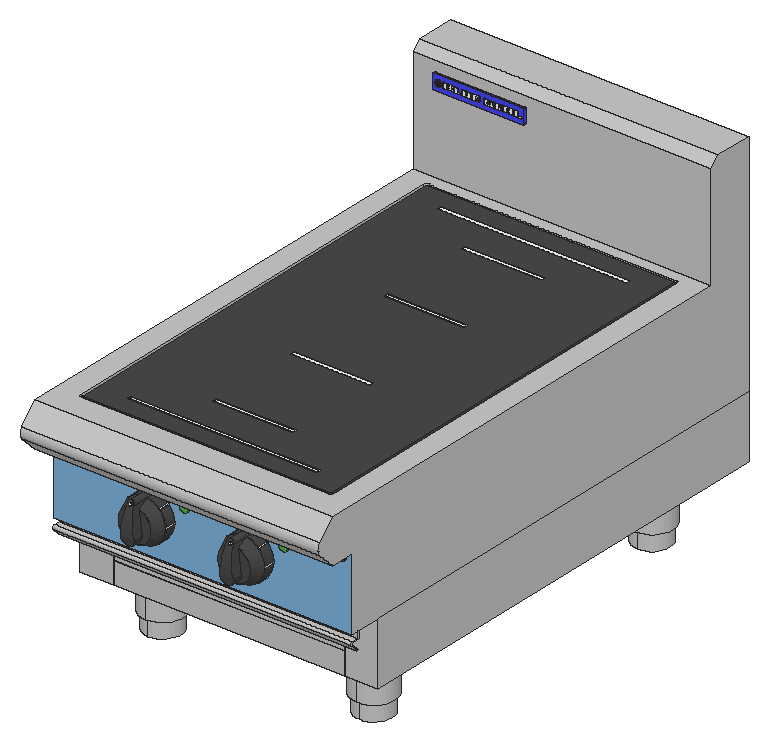
Revit family "QF_Moffat_IN512F-B_Induction_Cooktop_cat", category Specialty Equipment, Revit 2019
Family settings
  Round Connector Dimension = Use Diameter
  Part Type = Normal
  Work Plane-Based = No
  Always vertical = Yes
  Cut with Voids When Loaded = No
  Shared = No
  Room Calculation Point = No
Parameters (values of type "IN512F-B")
  Weight in Kilograms = 88
  Watts = 5600 W
  Volts = 400 V
  URL Cutsheet = ""
  Specification by User = ""
  Specification by Manufacturer = ""
  Show Logo [instance] = yes
  Serial Number = ""
  Seismic Rating = ""
  SMACNA No = ""
  Revision Code = ""
  Phase = 3
  Number of Poles = 1
  NAFEM Spec ID Number = ""
  Model = "IN512F-B"
  Min Ckt Ampacity = 0 A
  Max Overcurrent Protection = 0 A
  Masterspec = ""
  Manufacturer = "Moffat"
  Length = 450 mm
  Item Number = ""
  Installed By = ""
  Identify Quantity as Lot = yes
  Height = 525 mm
  HP = ""
  Furnished By = ""
  Foodservice Equipment Identifier = yes
  FL Amps = 14 A
  Electrical Remarks = ""
  Electric Connection Type = ""
  Elec Conn RI Height = 0 mm
  Elec Conn Connection Height = 0 mm
  Description = "Induction Cooktop"
  Depth = 812.2 mm
  Cycle = 50 Hz
  Conn Plug = ""
  Conn Conduit = yes
  CSI MasterFormat = ""
  Apparent Power = if(Phase = 3, Volts * FL Amps * 1.73, Volts * FL Amps)  # 9688 VA
Reference planes
  plane 1 "BACK": y = 0
  plane 2: z = 0
  plane 3 "LEFT": x = 0
  plane 4 "RIGHT": x = 450
  plane 5 "FRONT": y = -812.2
  plane 6 "TOP": z = 525
  plane 7 "Center Y": x = 225
  plane 8 "Center X": y = -406.1
  plane 9: x = 65.5
  plane 10: x = 384.5
  plane 11: y = -30
  plane 12: x = 320
  plane 13: z = 180
  plane 14: y = -100
  plane 15: y = -625
  plane 16: z = 85
Forms (mm)
  Extrusion 1, solid, material "QF_Metal_Stainless_Polished"
    sketch origin (0, 0, 0) x (0, 1, 0) y (0, 0, 1)
      loop
        line (0, 180) -> (0, 525) -> (-57, 525) -> (-70, 512) -> (-70, 354.5) -> (-784.171, 354.5) -> (-808.685, 329.985)
        arc (-808.685, 329.985) -> (-812.2, 321.5) -> (-808.685, 313.015) r 12
        line (-808.685, 313.015) -> (-785.171, 289.5) -> (-749, 289.5) -> (-749, 180) -> (0, 180)
    from 0 to 450
  Extrusion 2, void
    sketch origin (0, -784.171, 354.5) x (0, 1, 0) y (-1, 0, 0)
      loop
        arc (696.671, -39.5) -> (694.913, -35.257) -> (690.671, -33.5) r 6
        line (690.671, -33.5) -> (44.671, -33.5)
        arc (44.671, -33.5) -> (40.428, -35.257) -> (38.671, -39.5) r 6
        line (38.671, -39.5) -> (38.671, -410.5)
        arc (38.671, -410.5) -> (40.428, -414.743) -> (44.671, -416.5) r 6
        line (44.671, -416.5) -> (690.671, -416.5)
        arc (690.671, -416.5) -> (694.913, -414.743) -> (696.671, -410.5) r 6
        line (696.671, -410.5) -> (696.671, -39.5)
    from 0 to -9.5
  Extrusion 3, solid, material "QF_Plastic_White_Smooth"
    sketch origin (0, -784.171, 345) x (0, 1, 0) y (-1, 0, 0)
      loop
        line (657.271, -82.5) -> (657.271, -367.5) -> (663.271, -367.5) -> (663.271, -82.5) -> (657.271, -82.5)
      loop
        line (599.671, -165) -> (599.671, -285) -> (605.671, -285) -> (605.671, -165) -> (599.671, -165)
      loop
        line (459.171, -285) -> (459.171, -165) -> (453.171, -165) -> (453.171, -285) -> (459.171, -285)
      loop
        line (276.171, -165) -> (276.171, -285) -> (282.171, -285) -> (282.171, -165) -> (276.171, -165)
      loop
        line (129.671, -165) -> (129.671, -285) -> (135.671, -285) -> (135.671, -165) -> (129.671, -165)
      loop
        line (78.071, -367.5) -> (78.071, -82.5) -> (72.071, -82.5) -> (72.071, -367.5) -> (78.071, -367.5)
    from 0 to 9.5
  Extrusion 4, solid, material "QF_Plastic_Black_Smooth"
    sketch origin (0, -784.171, 354.5) x (0, 1, 0) y (-1, 0, 0)
      loop
        line (692.671, -410.5) -> (692.671, -39.5)
        arc (692.671, -39.5) -> (692.085, -38.086) -> (690.671, -37.5) r 2
        line (690.671, -37.5) -> (44.671, -37.5)
        arc (44.671, -37.5) -> (43.256, -38.086) -> (42.671, -39.5) r 2
        line (42.671, -39.5) -> (42.671, -410.5)
        arc (42.671, -410.5) -> (43.256, -411.914) -> (44.671, -412.5) r 2
        line (44.671, -412.5) -> (690.671, -412.5)
        arc (690.671, -412.5) -> (692.085, -411.914) -> (692.671, -410.5) r 2
      loop
        line (657.271, -82.5) -> (657.271, -367.5) -> (663.271, -367.5) -> (663.271, -82.5) -> (657.271, -82.5)
      loop
        line (599.671, -165) -> (599.671, -285) -> (605.671, -285) -> (605.671, -165) -> (599.671, -165)
      loop
        line (459.171, -285) -> (459.171, -165) -> (453.171, -165) -> (453.171, -285) -> (459.171, -285)
      loop
        line (282.171, -285) -> (282.171, -165) -> (276.171, -165) -> (276.171, -285) -> (282.171, -285)
      loop
        line (135.671, -285) -> (135.671, -165) -> (129.671, -165) -> (129.671, -285) -> (135.671, -285)
      loop
        line (72.071, -82.5) -> (72.071, -367.5) -> (78.071, -367.5) -> (78.071, -82.5) -> (72.071, -82.5)
    from 0 to -9.5
  Extrusion 5, solid, material "QF_Metal_Stainless_Polished"
    sketch origin (0, 0, 40) x (0, 1, 0) y (0, 0, 1)
      loop
        line (-737.8, 140) -> (-737.8, 130) -> (-747.305, 130)
        arc (-747.305, 130) -> (-750.276, 128.015) -> (-749.579, 124.511) r 3.215
        line (-749.579, 124.511) -> (-739.05, 113.982) -> (-737.919, 115.113) -> (-748.447, 125.642)
        arc (-748.447, 125.642) -> (-748.797, 127.403) -> (-747.305, 128.4) r 1.615
        line (-747.305, 128.4) -> (-736.2, 128.4) -> (-736.2, 140) -> (-737.8, 140)
    from 0 to 450
  Extrusion 6, solid, material "QF_Plastic_Black_Smooth"
    sketch origin (0, -749, 181.875) x (0, 0, 1) y (-1, 0, 0)
      loop
        circle (99.343, -13.157) r 5
      loop
        circle (99.343, -436.843) r 5
      loop
        circle (99.343, -150) r 5
      loop
        circle (99.343, -300) r 5
    from 0 to 1.6
  Extrusion 7, solid, material "QF_Metal_Stainless_Polished"
    sketch origin (0, -699, 85) x (0, 1, 0) y (1, 0, 0)
      loop
        circle (669, 320) r 6.35
    from 0 to 1.6
  Extrusion 8, solid, material "QF_Metal_Stainless_Polished"
    sketch origin (0, -699, 85) x (1, 0, 0) y (0, -1, 0)
      loop
        line (0, -699) -> (450, -699) -> (450, 0) -> (399.2, 0) -> (399.2, -25.4) -> (50.8, -25.4) -> (50.8, 0) -> (0, 0) -> (0, -699)
    from 0 to -95
  Extrusion 9, solid, material "QF_Metal_Stainless_Polished"
    sketch origin (50.8, -30, 85) x (0, 1, 0) y (0, 0, 1)
      loop
        line (-669, 0) -> (-643.6, 0) -> (-643.6, 32.7) -> (-669, 32.7) -> (-669, 0)
      loop
        line (-669, 33.7) -> (-643.6, 33.7) -> (-643.6, 66.4) -> (-669, 66.4) -> (-669, 33.7)
      loop
        line (-669, 67.4) -> (-643.6, 67.4) -> (-643.6, 95) -> (-669, 95) -> (-669, 67.4)
    from 0 to 348.4
  Revolve 10, solid, material "QF_Metal_Stainless_Polished"
    sketch origin (65.5, -4572, -304.8) x (0, 0, -1) y (0, -1, 0)
      loop
        line (-304.8, -4499.5) -> (-304.8, -4472) -> (-389.8, -4472) -> (-389.8, -4503.75) -> (-329.8, -4503.75) -> (-329.8, -4499.5) -> (-304.8, -4499.5)
      axis (-389.8, -4472) -> (-304.8, -4472)
    angle from 0 to 360
  Revolve 11, solid, material "QF_Metal_Stainless_Polished"
    sketch origin (65.5, -4572, -304.8) x (0, 0, -1) y (0, -1, 0)
      loop
        line (-304.8, -3974.5) -> (-304.8, -3947) -> (-389.8, -3947) -> (-389.8, -3978.75) -> (-329.8, -3978.75) -> (-329.8, -3974.5) -> (-304.8, -3974.5)
      axis (-389.8, -3947) -> (-304.8, -3947)
    angle from 0 to 360
  Revolve 12, solid, material "QF_Metal_Stainless_Polished"
    sketch origin (384.5, -4572, -304.8) x (0, 0, -1) y (0, 1, 0)
      loop
        line (-304.8, 4499.5) -> (-329.8, 4499.5) -> (-329.8, 4503.75) -> (-389.8, 4503.75) -> (-389.8, 4472) -> (-304.8, 4472) -> (-304.8, 4499.5)
      axis (-389.8, 4472) -> (-304.8, 4472)
    angle from 0 to 360
  Revolve 13, solid, material "QF_Metal_Stainless_Polished"
    sketch origin (384.5, -4572, -304.8) x (0, 0, -1) y (0, 1, 0)
      loop
        line (-304.8, 3974.5) -> (-329.8, 3974.5) -> (-329.8, 3978.75) -> (-389.8, 3978.75) -> (-389.8, 3947) -> (-304.8, 3947) -> (-304.8, 3974.5)
      axis (-389.8, 3947) -> (-304.8, 3947)
    angle from 0 to 360
  Extrusion 14, solid, material "QF_Paint_Green"
    sketch origin (-84.269, -749, 180) x (0, 0, 1) y (-1, 0, 0)
      loop
        circle (84.8, -282.5) r 7.15
    from 0 to 1.6
  Extrusion 15, solid, material "QF_Paint_Green"
    sketch origin (65.731, -749, 180) x (0, 0, 1) y (-1, 0, 0)
      loop
        circle (84.8, -282.5) r 7.15
    from 0 to 1.6
Cuts and joins
  Extrusion 2 cuts Extrusion 1
Lines and regions (mm)
  symbolic lines
    curve 1: line (0, 0, 0) -> (450, 0, 0)
    curve 2: line (0, -812.2, 0) -> (0, 0, 0)
    curve 3: line (450, -812.2, 0) -> (0, -812.2, 0)
    curve 4: line (450, 0, 0) -> (450, -812.2, 0)
    curve 5: line (0, -784.171, 0) -> (450, -784.171, 0)
    curve 6: line (0, -57, 0) -> (450, -57, 0)
    curve 7: line (0, -70, 0) -> (450, -70, 0)
    curve 8: line (39.5, -87.5, 0) -> (410.5, -87.5, 0)
    curve 9: arc (410.5, -87.5, 0) -> (414.743, -89.257, 0) -> (416.5, -93.5, 0) r 6
    curve 10: line (416.5, -93.5, 0) -> (416.5, -739.5, 0)
    curve 11: arc (416.5, -739.5, 0) -> (414.743, -743.743, 0) -> (410.5, -745.5, 0) r 6
    curve 12: line (410.5, -745.5, 0) -> (39.5, -745.5, 0)
    curve 13: arc (39.5, -745.5, 0) -> (35.257, -743.743, 0) -> (33.5, -739.5, 0) r 6
    curve 14: line (33.5, -739.5, 0) -> (33.5, -93.5, 0)
    curve 15: arc (33.5, -93.5, 0) -> (35.257, -89.257, 0) -> (39.5, -87.5, 0) r 6
    curve 16: line (410.5, -91.5, 0) -> (39.5, -91.5, 0)
    curve 17: arc (39.5, -91.5, 0) -> (38.086, -92.086, 0) -> (37.5, -93.5, 0) r 2
    curve 18: line (37.5, -93.5, 0) -> (37.5, -739.5, 0)
    curve 19: arc (37.5, -739.5, 0) -> (38.086, -740.914, 0) -> (39.5, -741.5, 0) r 2
    curve 20: line (39.5, -741.5, 0) -> (410.5, -741.5, 0)
    curve 21: arc (410.5, -741.5, 0) -> (411.914, -740.914, 0) -> (412.5, -739.5, 0) r 2
    curve 22: line (412.5, -739.5, 0) -> (412.5, -93.5, 0)
    curve 23: arc (412.5, -93.5, 0) -> (411.914, -92.086, 0) -> (410.5, -91.5, 0) r 2
    curve 24: line (82.5, -120.9, 0) -> (367.5, -120.9, 0)
    curve 25: line (367.5, -120.9, 0) -> (367.5, -126.9, 0)
    curve 26: line (367.5, -126.9, 0) -> (82.5, -126.9, 0)
    curve 27: line (82.5, -126.9, 0) -> (82.5, -120.9, 0)
    curve 28: line (165, -178.5, 0) -> (285, -178.5, 0)
    curve 29: line (285, -178.5, 0) -> (285, -184.5, 0)
    curve 30: line (285, -184.5, 0) -> (165, -184.5, 0)
    curve 31: line (165, -184.5, 0) -> (165, -178.5, 0)
    curve 32: line (165, -325, 0) -> (285, -325, 0)
    curve 33: line (285, -325, 0) -> (285, -331, 0)
    curve 34: line (285, -331, 0) -> (165, -331, 0)
    curve 35: line (165, -331, 0) -> (165, -325, 0)
    curve 36: line (165, -502, 0) -> (285, -502, 0)
    curve 37: line (285, -502, 0) -> (285, -508, 0)
    curve 38: line (285, -508, 0) -> (165, -508, 0)
    curve 39: line (165, -508, 0) -> (165, -502, 0)
    curve 40: line (165, -648.5, 0) -> (285, -648.5, 0)
    curve 41: line (285, -648.5, 0) -> (285, -654.5, 0)
    curve 42: line (285, -654.5, 0) -> (165, -654.5, 0)
    curve 43: line (165, -654.5, 0) -> (165, -648.5, 0)
    curve 44: line (82.5, -706.1, 0) -> (367.5, -706.1, 0)
    curve 45: line (367.5, -706.1, 0) -> (367.5, -712.1, 0)
    curve 46: line (367.5, -712.1, 0) -> (82.5, -712.1, 0)
    curve 47: line (82.5, -712.1, 0) -> (82.5, -706.1, 0)
Dimensions and locks
  equal spacing: plane 3 "LEFT", plane 7 "Center Y", plane 4 "RIGHT"
  "Length": plane 3 "LEFT" to plane 4 "RIGHT"
  equal spacing: plane 5 "FRONT", plane 8 "Center X", plane 1 "BACK"
  "Depth": plane 5 "FRONT" to plane 1 "BACK"
  "Height": plane 6 "TOP" to level
  plane 9 to plane 10 = 319 mm
  plane 4 "RIGHT" to plane 3 "LEFT" = 450 mm
  plane 1 "BACK" to cut or joined group of Extrusion 1, Extrusion 2 = 70 mm
  plane 1 "BACK" to plane 5 "FRONT" = 812.2 mm
  plane 6 "TOP" to plane 2 = 525 mm
  cut or joined group of Extrusion 1, Extrusion 2 to plane 2 = 354.5 mm
  locked: plane 12 to plane 4 "RIGHT" at 130
  plane 1 "BACK" to plane 11 = 30 mm
  plane 1 "BACK" to plane 14 to plane 15 = 100 mm, 525 mm
  plane 16 to plane 2 = 85 mm
  aligned and locked: level to plane 2
Automatic sketch dimensions
  plane 1 "BACK" to curve 1 = 0 mm
  curve 1 to plane 3 "LEFT" = 0 mm
  curve 3 to plane 4 "RIGHT" = 0 mm
  plane 5 "FRONT" to curve 3 = 0 mm
  curve 3 to curve 5 = 28.029 mm
  curve 7 to plane 14 = 30 mm
  curve 7 to curve 6 = 13 mm
  Extrusion 1 sketch curve to plane 6 "TOP" = 0 mm
  Extrusion 1 sketch curve to plane 1 "BACK" = 0 mm
  plane 11 to Extrusion 1 sketch curve = 27 mm
  Extrusion 1 sketch curve to plane 6 "TOP" = 13 mm
  Extrusion 1 sketch curve to Extrusion 1 sketch curve = 13 mm
  Extrusion 1 sketch curve to plane 5 "FRONT" = 63.2 mm
  Extrusion 1 sketch curve to plane 5 "FRONT" = 28.029 mm
  Extrusion 1 sketch curve to plane 5 "FRONT" = 27.029 mm
  Extrusion 1 sketch curve to plane 5 "FRONT" = 12 mm
  Extrusion 1 sketch curve to plane 5 "FRONT" = 3.515 mm  (x2)
  Extrusion 1 sketch curve to plane 6 "TOP" = 170.5 mm
  Extrusion 1 sketch curve to Extrusion 1 sketch curve = 24.515 mm
  Extrusion 1 sketch curve to Extrusion 1 sketch curve = 8.485 mm
  Extrusion 1 sketch curve to Extrusion 1 sketch curve = 32 mm
  Extrusion 1 sketch curve to plane 13 = 0 mm
  Extrusion 2 sketch curve to Extrusion 1 = 38.671 mm
  Extrusion 2 sketch curve to Extrusion 2 sketch curve = 6 mm  (x3)
  Extrusion 1 to Extrusion 2 sketch curve = 23.5 mm  (x2)
  Extrusion 1 to Extrusion 2 sketch curve = 33.5 mm
  Extrusion 1 to Extrusion 2 sketch curve = 39.5 mm
  Extrusion 3 sketch curve to Extrusion 2 = 33.4 mm
  Extrusion 3 sketch curve to Extrusion 3 sketch curve = 6 mm  (x6)
  Extrusion 3 sketch curve to Extrusion 2 = 91 mm
  Extrusion 3 sketch curve to Extrusion 3 sketch curve = 140.5 mm
  Extrusion 3 sketch curve to Extrusion 3 sketch curve = 171 mm
  Extrusion 3 sketch curve to Extrusion 2 = 97 mm
  Extrusion 3 sketch curve to Extrusion 2 = 39.4 mm
  Extrusion 3 sketch curve to Extrusion 2 = 49 mm  (x4)
  Extrusion 3 sketch curve to Extrusion 3 sketch curve = 82.5 mm  (x2)
  Extrusion 3 sketch curve to Extrusion 2 = 131.5 mm  (x2)
  Extrusion 3 sketch curve to Extrusion 3 sketch curve = 120 mm  (x4)
  Extrusion 4 sketch curve to Extrusion 1 = 42.671 mm
  Extrusion 4 sketch curve to Extrusion 4 sketch curve = 2 mm  (x3)
  Extrusion 4 sketch curve to Extrusion 4 sketch curve = 27.4 mm
  Extrusion 4 sketch curve to Extrusion 4 sketch curve = 6 mm  (x6)
  Extrusion 4 sketch curve to Extrusion 4 sketch curve = 51.6 mm
  Extrusion 4 sketch curve to Extrusion 4 sketch curve = 140.5 mm
  Extrusion 4 sketch curve to Extrusion 4 sketch curve = 171 mm
  Extrusion 1 to Extrusion 4 sketch curve = 114.5 mm
  Extrusion 1 to Extrusion 4 sketch curve = 56.9 mm
  Extrusion 1 to Extrusion 4 sketch curve = 23.5 mm  (x2)
  Extrusion 1 to Extrusion 4 sketch curve = 37.5 mm
  Extrusion 4 sketch curve to Extrusion 4 sketch curve = 43 mm  (x2)
  Extrusion 4 sketch curve to Extrusion 4 sketch curve = 82.5 mm  (x2)
  Extrusion 1 to Extrusion 4 sketch curve = 165 mm
  Extrusion 4 sketch curve to Extrusion 4 sketch curve = 0 mm
  Extrusion 4 sketch curve to Extrusion 4 sketch curve = 120 mm  (x4)
  Extrusion 1 to Extrusion 4 sketch curve = 82.5 mm  (x2)
  Extrusion 1 to Extrusion 4 sketch curve = 39.5 mm
  Extrusion 5 sketch curve to Extrusion 5 sketch curve = 0 mm  (x2)
  plane 13 to Extrusion 5 sketch curve = 15.489 mm
  Extrusion 5 sketch curve to plane 5 "FRONT" = 62.621 mm
  plane 13 to Extrusion 5 sketch curve = 14.358 mm
  Extrusion 5 sketch curve to Extrusion 5 sketch curve = 1.131 mm
  Extrusion 5 sketch curve to Extrusion 5 sketch curve = 1.142 mm  (x2)
  plane 13 to Extrusion 5 sketch curve = 26.018 mm
  Extrusion 5 sketch curve to Extrusion 5 sketch curve = 10.529 mm
  Extrusion 5 sketch curve to Extrusion 5 sketch curve = 9.505 mm
  Extrusion 5 sketch curve to plane 13 = 0 mm
  Extrusion 5 sketch curve to Extrusion 5 sketch curve = 1.6 mm
  Extrusion 8 to Extrusion 7 sketch curve = 30 mm
  Extrusion 7 sketch curve to Extrusion 8 = 79.2 mm
  plane 1 "BACK" to Extrusion 8 sketch curve = 0 mm
  Extrusion 8 sketch curve to plane 3 "LEFT" = 0 mm
  Extrusion 8 sketch curve to plane 4 "RIGHT" = 0 mm
  plane 9 to Extrusion 8 sketch curve = 14.7 mm
  Extrusion 8 sketch curve to plane 10 = 14.7 mm
  plane 15 to Extrusion 8 sketch curve = 48.6 mm
  Extrusion 8 sketch curve to Extrusion 8 sketch curve = 25.4 mm  (x2)
  Extrusion 9 sketch curve to Extrusion 8 = 0 mm  (x8)
  Extrusion 8 to Extrusion 9 sketch curve = 32.7 mm
  Extrusion 9 sketch curve to Extrusion 9 sketch curve = 1 mm  (x2)
  Extrusion 9 sketch curve to Extrusion 9 sketch curve = 32.7 mm
  Revolve 10 sketch curve to plane 14 = 0 mm  (x2)
  Revolve 10 sketch curve to level = 0 mm  (x2)
  level to Revolve 10 sketch curve = 25 mm
  Revolve 10 sketch curve to Revolve 10 sketch curve = 60 mm
  Revolve 10 sketch curve to plane 14 = 27.5 mm
  Revolve 10 sketch curve to plane 14 = 31.75 mm
  Revolve 10 sketch curve to Revolve 10 sketch curve = 25 mm
  Revolve 11 sketch curve to plane 15 = 0 mm  (x2)
  Revolve 11 sketch curve to level = 0 mm  (x2)
  level to Revolve 11 sketch curve = 25 mm
  Revolve 11 sketch curve to Revolve 11 sketch curve = 60 mm
  Revolve 11 sketch curve to plane 15 = 27.5 mm
  Revolve 11 sketch curve to plane 15 = 31.75 mm
  Revolve 11 sketch curve to Revolve 11 sketch curve = 25 mm
  Revolve 12 sketch curve to plane 14 = 0 mm  (x2)
  Revolve 12 sketch curve to level = 0 mm  (x2)
  level to Revolve 12 sketch curve = 25 mm
  Revolve 12 sketch curve to Revolve 12 sketch curve = 60 mm
  Revolve 12 sketch curve to plane 14 = 27.5 mm
  Revolve 12 sketch curve to Revolve 12 sketch curve = 4.25 mm
  Revolve 12 sketch curve to Revolve 12 sketch curve = 25 mm
  Revolve 13 sketch curve to plane 15 = 0 mm  (x2)
  Revolve 13 sketch curve to level = 0 mm  (x2)
  level to Revolve 13 sketch curve = 25 mm
  Revolve 13 sketch curve to Revolve 13 sketch curve = 60 mm
  Revolve 13 sketch curve to plane 15 = 27.5 mm
  Revolve 13 sketch curve to Revolve 13 sketch curve = 4.25 mm
  Revolve 13 sketch curve to Revolve 13 sketch curve = 25 mm
  Extrusion 1 to Extrusion 14 sketch curve = 24.7 mm
  Extrusion 1 to Extrusion 14 sketch curve = 198.231 mm
  Extrusion 1 to Extrusion 15 sketch curve = 24.7 mm
  Extrusion 1 to Extrusion 15 sketch curve = 101.769 mm
  curve 14 to plane 14 = 6.5 mm
  plane 9 to curve 14 = 32 mm
  curve 14 to curve 15 = 6 mm
  curve 13 to curve 13 = 6 mm
  curve 9 to plane 14 = 6.5 mm
  curve 9 to plane 10 = 26 mm
  curve 12 to curve 10 = 6 mm
  curve 5 to curve 12 = 38.671 mm
  curve 9 to curve 23 = 0 mm  (x2)
  curve 11 to curve 21 = 0 mm  (x2)
  curve 13 to curve 19 = 0 mm  (x2)
  curve 15 to curve 17 = 0 mm
  curve 18 to curve 15 = 2 mm
  curve 27 to plane 9 = 17 mm
  plane 10 to curve 26 = 17 mm
  plane 14 to curve 25 = 26.9 mm
  curve 26 to curve 24 = 6 mm
  curve 30 to plane 7 "Center Y" = 60 mm
  plane 12 to curve 30 = 35 mm
  plane 14 to curve 30 = 84.5 mm
  curve 30 to curve 31 = 6 mm
  curve 35 to plane 7 "Center Y" = 60 mm
  plane 12 to curve 32 = 35 mm
  plane 8 "Center X" to curve 34 = 75.1 mm
  curve 34 to curve 35 = 6 mm
  curve 38 to plane 7 "Center Y" = 60 mm
  plane 12 to curve 36 = 35 mm
  curve 39 to plane 8 "Center X" = 101.9 mm
  curve 37 to curve 37 = 6 mm
  plane 15 to curve 40 = 23.5 mm
  curve 40 to plane 7 "Center Y" = 60 mm
  plane 12 to curve 42 = 35 mm
  curve 43 to curve 40 = 6 mm
  curve 44 to plane 9 = 17 mm
  plane 10 to curve 45 = 17 mm
  curve 13 to curve 47 = 27.4 mm
  curve 45 to curve 45 = 6 mm
  Extrusion 1 to Extrusion 6 sketch curve = 8.282 mm  (x4)
  Extrusion 1 to Extrusion 6 sketch curve = 13.157 mm  (x2)
  Extrusion 6 sketch curve to Extrusion 6 sketch curve = 136.843 mm
  Extrusion 1 to Extrusion 6 sketch curve = 150 mm
  radius of Extrusion 7 sketch curve = 6.35 mm
  radius of Extrusion 14 sketch curve = 7.15 mm
  radius of Extrusion 15 sketch curve = 7.15 mm
  radius of Extrusion 6 sketch curve = 5 mm  (x4)
Nested families
  nested 1: "QF_LOGO_BLue Seal" at (32, -70, 474.385), visible <- "Show Logo", type "QF_LOGO_BLue Seal"
  nested 2: "Knob" at (117.5, -739.5, 204.5), type "Knob"
  nested 3: "Knob" at (267.5, -739.5, 204.5), type "Knob"
Connectors
  electrical at (320, -30, 83.4), driven by "Volts", driven by "Watts"
    settings: on Extrusion 7, index 1, voltage 400 V, apparent load 5600 VA, apparent load phase1 0 VA, apparent load phase2 0 VA, apparent load phase3 0 VA, power factor 1, load classification "Other", number of poles 1, system type 30, power factor state 1, is connector primary yes, connector utility no, sub classification motor no, connector description "Electrical Connection"
Definition of nested family "QF_LOGO_BLue Seal"
  Parameters (values of type "QF_LOGO_BLue Seal")
    Weight in Pounds = 0
    URL Cutsheet = ""
    Specification by User = ""
    Specification by Manufacturer = ""
    Serial Number = ""
    Seismic Rating = ""
    SMACNA No = ""
    Revision Code = ""
    NAFEM Spec ID Number = ""
    Masterspec = ""
    Length = 138 mm
    Item Number = ""
    Installed By = ""
    Identify Quantity as Lot = yes
    Height = 23 mm
    Furnished By = ""
    Foodservice Equipment Identifier = yes
    Depth = 3.175 mm
    CSI MasterFormat = ""
  Reference planes
    plane 1 "BACK": y = 0
    plane 2: z = 0
    plane 3 "LEFT": x = 0
    plane 4 "RIGHT": x = 138
    plane 5 "FRONT": y = -3.175
    plane 6 "TOP": z = 23
    plane 7 "Center Y": x = 69
    plane 8 "Center X": y = -1.587
  Forms (mm)
    Extrusion 1, solid
      sketch origin (0, 0, 0) x (1, 0, 0) y (0, 0, 1)
        loop
          arc (2, 23) -> (0.586, 22.414) -> (0, 21) r 2
          line (0, 21) -> (0, 2)
          arc (0, 2) -> (0.586, 0.586) -> (2, 0) r 2
          line (2, 0) -> (136, 0)
          arc (136, 0) -> (137.414, 0.586) -> (138, 2) r 2
          line (138, 2) -> (138, 21)
          arc (138, 21) -> (137.414, 22.414) -> (136, 23) r 2
          line (136, 23) -> (2, 23)
        loop
          arc (16.625, 15.317) -> (15.943, 15.034) -> (15.66, 14.352) r 0.965
          line (15.66, 14.352) -> (15.66, 8.169)
          arc (15.66, 8.169) -> (15.953, 7.461) -> (16.66, 7.169) r 1
          line (16.66, 7.169) -> (27.958, 7.169)
          arc (27.958, 7.169) -> (29.995, 9.206) -> (27.958, 11.243) r 2.037
          arc (27.958, 11.243) -> (29.995, 13.28) -> (27.958, 15.317) r 2.037
          line (27.958, 15.317) -> (16.625, 15.317)
        loop
          line (21.163, 13.835) -> (21.163, 12.291) -> (23.596, 12.291)
          arc (23.596, 12.291) -> (24.368, 13.063) -> (23.596, 13.835) r 0.772
          line (23.596, 13.835) -> (21.163, 13.835)
        loop
          line (21.163, 8.544) -> (23.596, 8.544)
          arc (23.596, 8.544) -> (24.368, 9.316) -> (23.596, 10.089) r 0.772
          line (23.596, 10.089) -> (21.163, 10.089) -> (21.163, 8.544)
        loop
          arc (32.475, 15.317) -> (31.768, 15.024) -> (31.475, 14.317) r 1
          line (31.475, 14.317) -> (31.475, 8.169)
          arc (31.475, 8.169) -> (31.768, 7.461) -> (32.475, 7.169) r 1
          line (32.475, 7.169) -> (41.849, 7.169)
          arc (41.849, 7.169) -> (42.859, 8.178) -> (41.849, 9.188) r 1.01
          line (41.849, 9.188) -> (37.262, 9.188) -> (37.262, 14.317)
          arc (37.262, 14.317) -> (36.969, 15.024) -> (36.262, 15.317) r 1
          line (36.262, 15.317) -> (32.475, 15.317)
        loop
          arc (44.648, 15.317) -> (43.941, 15.024) -> (43.648, 14.317) r 1
          line (43.648, 14.317) -> (43.648, 9.124)
          arc (43.648, 9.124) -> (44.221, 7.741) -> (45.604, 7.169) r 1.956
          line (45.604, 7.169) -> (55.306, 7.169)
          arc (55.306, 7.169) -> (56.749, 7.766) -> (57.347, 9.209) r 2.04
          line (57.347, 9.209) -> (57.347, 14.358)
          arc (57.347, 14.358) -> (57.066, 15.036) -> (56.388, 15.317) r 0.959
          line (56.388, 15.317) -> (52.676, 15.317)
          arc (52.676, 15.317) -> (51.968, 15.024) -> (51.676, 14.317) r 1
          line (51.676, 14.317) -> (51.676, 10.17)
          arc (51.676, 10.17) -> (50.529, 9.024) -> (49.383, 10.17) r 1.146
          line (49.383, 10.17) -> (49.383, 14.317)
          arc (49.383, 14.317) -> (49.09, 15.024) -> (48.383, 15.317) r 1
          line (48.383, 15.317) -> (44.648, 15.317)
        loop
          arc (60.035, 15.317) -> (59.328, 15.024) -> (59.035, 14.317) r 1
          line (59.035, 14.317) -> (59.035, 8.169)
          arc (59.035, 8.169) -> (59.328, 7.461) -> (60.035, 7.169) r 1
          line (60.035, 7.169) -> (69.845, 7.169)
          arc (69.845, 7.169) -> (70.828, 8.152) -> (69.845, 9.135) r 0.983
          line (69.845, 9.135) -> (65.06, 9.135) -> (65.06, 10.415) -> (69.988, 10.415)
          arc (69.988, 10.415) -> (70.828, 11.255) -> (69.988, 12.095) r 0.84
          line (69.988, 12.095) -> (65.06, 12.095) -> (65.06, 13.215) -> (69.777, 13.215)
          arc (69.777, 13.215) -> (70.828, 14.266) -> (69.777, 15.317) r 1.051
          line (69.777, 15.317) -> (60.035, 15.317)
        loop
          line (77.315, 14.317) -> (77.315, 11.634)
          arc (77.315, 11.634) -> (77.608, 10.927) -> (78.315, 10.634) r 1
          line (78.315, 10.634) -> (85.957, 10.634) -> (85.957, 8.756) -> (82.871, 8.756) -> (82.871, 9.708) -> (77.315, 9.708) -> (77.315, 8.169)
          arc (77.315, 8.169) -> (77.608, 7.461) -> (78.315, 7.169) r 1
          line (78.315, 7.169) -> (90.614, 7.169)
          arc (90.614, 7.169) -> (91.321, 7.461) -> (91.614, 8.169) r 1
          line (91.614, 8.169) -> (91.614, 11.073)
          arc (91.614, 11.073) -> (91.322, 11.778) -> (90.617, 12.07) r 0.996
          line (90.617, 12.07) -> (82.871, 12.07) -> (82.871, 13.786) -> (85.957, 13.786) -> (85.957, 12.856) -> (91.614, 12.856) -> (91.614, 14.317)
          arc (91.614, 14.317) -> (91.321, 15.024) -> (90.614, 15.317) r 1
          line (90.614, 15.317) -> (78.315, 15.317)
          arc (78.315, 15.317) -> (77.608, 15.024) -> (77.315, 14.317) r 1
        loop
          arc (107.404, 15.317) -> (106.697, 15.024) -> (106.404, 14.317) r 1
          line (106.404, 14.317) -> (106.404, 8.169)
          arc (106.404, 8.169) -> (106.697, 7.461) -> (107.404, 7.169) r 1
          line (107.404, 7.169) -> (111.34, 7.169)
          arc (111.34, 7.169) -> (112.047, 7.461) -> (112.34, 8.169) r 1
          line (112.34, 8.169) -> (112.34, 9.135) -> (115.1, 9.135) -> (115.1, 8.169)
          arc (115.1, 8.169) -> (115.393, 7.461) -> (116.1, 7.169) r 1
          line (116.1, 7.169) -> (119.975, 7.169)
          arc (119.975, 7.169) -> (120.682, 7.461) -> (120.975, 8.169) r 1
          line (120.975, 8.169) -> (120.975, 14.317)
          arc (120.975, 14.317) -> (120.682, 15.024) -> (119.975, 15.317) r 1
          line (119.975, 15.317) -> (107.404, 15.317)
        loop
          arc (94.016, 15.317) -> (93.309, 15.024) -> (93.016, 14.317) r 1
          line (93.016, 14.317) -> (93.016, 8.169)
          arc (93.016, 8.169) -> (93.309, 7.461) -> (94.016, 7.169) r 1
          line (94.016, 7.169) -> (103.826, 7.169)
          arc (103.826, 7.169) -> (104.809, 8.152) -> (103.826, 9.135) r 0.983
          line (103.826, 9.135) -> (99.041, 9.135) -> (99.041, 10.415) -> (103.969, 10.415)
          arc (103.969, 10.415) -> (104.809, 11.255) -> (103.969, 12.095) r 0.84
          line (103.969, 12.095) -> (99.041, 12.095) -> (99.041, 13.215) -> (103.759, 13.215)
          arc (103.759, 13.215) -> (104.809, 14.266) -> (103.759, 15.317) r 1.051
          line (103.759, 15.317) -> (94.016, 15.317)
        loop
          line (112.34, 11.583) -> (115.1, 11.583) -> (115.1, 12.915)
          arc (115.1, 12.915) -> (114.954, 13.268) -> (114.6, 13.415) r 0.5
          line (114.6, 13.415) -> (112.84, 13.415)
          arc (112.84, 13.415) -> (112.487, 13.268) -> (112.34, 12.915) r 0.5
          line (112.34, 12.915) -> (112.34, 11.583)
        loop
          arc (123.692, 15.317) -> (122.985, 15.024) -> (122.692, 14.317) r 1
          line (122.692, 14.317) -> (122.692, 8.169)
          arc (122.692, 8.169) -> (122.985, 7.461) -> (123.692, 7.169) r 1
          line (123.692, 7.169) -> (133.067, 7.169)
          arc (133.067, 7.169) -> (134.076, 8.178) -> (133.067, 9.188) r 1.01
          line (133.067, 9.188) -> (128.479, 9.188) -> (128.479, 14.317)
          arc (128.479, 14.317) -> (128.186, 15.024) -> (127.479, 15.317) r 1
          line (127.479, 15.317) -> (123.692, 15.317)
        loop
          circle (8.135, 11.2) r 4.581
      from 0 to 3.2
    Extrusion 2, solid
      sketch origin (0, 0, 0) x (1, 0, 0) y (0, 0, 1)
        loop
          circle (8.135, 11.2) r 4.581
        loop
          line (8.289, 15.169) -> (8.289, 7.231)
          arc (8.289, 7.231) -> (12.08, 11.2) -> (8.289, 15.169) r 3.973
        loop
          arc (16.625, 15.317) -> (15.943, 15.034) -> (15.66, 14.352) r 0.965
          line (15.66, 14.352) -> (15.66, 8.169)
          arc (15.66, 8.169) -> (15.953, 7.461) -> (16.66, 7.169) r 1
          line (16.66, 7.169) -> (27.958, 7.169)
          arc (27.958, 7.169) -> (29.995, 9.206) -> (27.958, 11.243) r 2.037
          arc (27.958, 11.243) -> (29.995, 13.28) -> (27.958, 15.317) r 2.037
          line (27.958, 15.317) -> (16.625, 15.317)
        loop
          line (21.163, 12.291) -> (23.596, 12.291)
          arc (23.596, 12.291) -> (24.368, 13.063) -> (23.596, 13.835) r 0.772
          line (23.596, 13.835) -> (21.163, 13.835) -> (21.163, 12.291)
        loop
          line (23.596, 10.089) -> (21.163, 10.089) -> (21.163, 8.544) -> (23.596, 8.544)
          arc (23.596, 8.544) -> (24.368, 9.316) -> (23.596, 10.089) r 0.772
        loop
          arc (37.262, 14.317) -> (36.969, 15.024) -> (36.262, 15.317) r 1
          line (36.262, 15.317) -> (32.475, 15.317)
          arc (32.475, 15.317) -> (31.768, 15.024) -> (31.475, 14.317) r 1
          line (31.475, 14.317) -> (31.475, 8.169)
          arc (31.475, 8.169) -> (31.768, 7.461) -> (32.475, 7.169) r 1
          line (32.475, 7.169) -> (41.849, 7.169)
          arc (41.849, 7.169) -> (42.859, 8.178) -> (41.849, 9.188) r 1.01
          line (41.849, 9.188) -> (37.262, 9.188) -> (37.262, 14.317)
        loop
          arc (43.648, 9.124) -> (44.221, 7.741) -> (45.604, 7.169) r 1.956
          line (45.604, 7.169) -> (55.306, 7.169)
          arc (55.306, 7.169) -> (56.749, 7.766) -> (57.347, 9.209) r 2.04
          line (57.347, 9.209) -> (57.347, 14.358)
          arc (57.347, 14.358) -> (57.066, 15.036) -> (56.388, 15.317) r 0.959
          line (56.388, 15.317) -> (52.676, 15.317)
          arc (52.676, 15.317) -> (51.968, 15.024) -> (51.676, 14.317) r 1
          line (51.676, 14.317) -> (51.676, 10.17)
          arc (51.676, 10.17) -> (50.529, 9.024) -> (49.383, 10.17) r 1.146
          line (49.383, 10.17) -> (49.383, 14.317)
          arc (49.383, 14.317) -> (49.09, 15.024) -> (48.383, 15.317) r 1
          line (48.383, 15.317) -> (44.648, 15.317)
          arc (44.648, 15.317) -> (43.941, 15.024) -> (43.648, 14.317) r 1
          line (43.648, 14.317) -> (43.648, 9.124)
        loop
          arc (69.777, 13.215) -> (70.828, 14.266) -> (69.777, 15.317) r 1.051
          line (69.777, 15.317) -> (60.035, 15.317)
          arc (60.035, 15.317) -> (59.328, 15.024) -> (59.035, 14.317) r 1
          line (59.035, 14.317) -> (59.035, 8.169)
          arc (59.035, 8.169) -> (59.328, 7.461) -> (60.035, 7.169) r 1
          line (60.035, 7.169) -> (69.845, 7.169)
          arc (69.845, 7.169) -> (70.828, 8.152) -> (69.845, 9.135) r 0.983
          line (69.845, 9.135) -> (65.06, 9.135) -> (65.06, 10.415) -> (69.988, 10.415)
          arc (69.988, 10.415) -> (70.828, 11.255) -> (69.988, 12.095) r 0.84
          line (69.988, 12.095) -> (65.06, 12.095) -> (65.06, 13.215) -> (69.777, 13.215)
        loop
          line (82.871, 13.786) -> (85.957, 13.786) -> (85.957, 12.856) -> (91.614, 12.856) -> (91.614, 14.317)
          arc (91.614, 14.317) -> (91.321, 15.024) -> (90.614, 15.317) r 1
          line (90.614, 15.317) -> (78.315, 15.317)
          arc (78.315, 15.317) -> (77.608, 15.024) -> (77.315, 14.317) r 1
          line (77.315, 14.317) -> (77.315, 11.634)
          arc (77.315, 11.634) -> (77.608, 10.927) -> (78.315, 10.634) r 1
          line (78.315, 10.634) -> (85.957, 10.634) -> (85.957, 8.756) -> (82.871, 8.756) -> (82.871, 9.708) -> (77.315, 9.708) -> (77.315, 8.169)
          arc (77.315, 8.169) -> (77.608, 7.461) -> (78.315, 7.169) r 1
          line (78.315, 7.169) -> (90.614, 7.169)
          arc (90.614, 7.169) -> (91.321, 7.461) -> (91.614, 8.169) r 1
          line (91.614, 8.169) -> (91.614, 11.073)
          arc (91.614, 11.073) -> (91.322, 11.778) -> (90.617, 12.07) r 0.996
          line (90.617, 12.07) -> (82.871, 12.07) -> (82.871, 13.786)
        loop
          arc (103.759, 13.215) -> (104.809, 14.266) -> (103.759, 15.317) r 1.051
          line (103.759, 15.317) -> (94.016, 15.317)
          arc (94.016, 15.317) -> (93.309, 15.024) -> (93.016, 14.317) r 1
          line (93.016, 14.317) -> (93.016, 8.169)
          arc (93.016, 8.169) -> (93.309, 7.461) -> (94.016, 7.169) r 1
          line (94.016, 7.169) -> (103.826, 7.169)
          arc (103.826, 7.169) -> (104.809, 8.152) -> (103.826, 9.135) r 0.983
          line (103.826, 9.135) -> (99.041, 9.135) -> (99.041, 10.415) -> (103.969, 10.415)
          arc (103.969, 10.415) -> (104.809, 11.255) -> (103.969, 12.095) r 0.84
          line (103.969, 12.095) -> (99.041, 12.095) -> (99.041, 13.215) -> (103.759, 13.215)
        loop
          line (112.34, 12.915) -> (112.34, 11.583) -> (115.1, 11.583) -> (115.1, 12.915)
          arc (115.1, 12.915) -> (114.954, 13.268) -> (114.6, 13.415) r 0.5
          line (114.6, 13.415) -> (112.84, 13.415)
          arc (112.84, 13.415) -> (112.487, 13.268) -> (112.34, 12.915) r 0.5
        loop
          arc (119.975, 7.169) -> (120.682, 7.461) -> (120.975, 8.169) r 1
          line (120.975, 8.169) -> (120.975, 14.317)
          arc (120.975, 14.317) -> (120.682, 15.024) -> (119.975, 15.317) r 1
          line (119.975, 15.317) -> (107.404, 15.317)
          arc (107.404, 15.317) -> (106.697, 15.024) -> (106.404, 14.317) r 1
          line (106.404, 14.317) -> (106.404, 8.169)
          arc (106.404, 8.169) -> (106.697, 7.461) -> (107.404, 7.169) r 1
          line (107.404, 7.169) -> (111.34, 7.169)
          arc (111.34, 7.169) -> (112.047, 7.461) -> (112.34, 8.169) r 1
          line (112.34, 8.169) -> (112.34, 9.135) -> (115.1, 9.135) -> (115.1, 8.169)
          arc (115.1, 8.169) -> (115.393, 7.461) -> (116.1, 7.169) r 1
          line (116.1, 7.169) -> (119.975, 7.169)
        loop
          arc (122.692, 8.169) -> (122.985, 7.461) -> (123.692, 7.169) r 1
          line (123.692, 7.169) -> (133.067, 7.169)
          arc (133.067, 7.169) -> (134.076, 8.178) -> (133.067, 9.188) r 1.01
          line (133.067, 9.188) -> (128.479, 9.188) -> (128.479, 14.317)
          arc (128.479, 14.317) -> (128.186, 15.024) -> (127.479, 15.317) r 1
          line (127.479, 15.317) -> (123.692, 15.317)
          arc (123.692, 15.317) -> (122.985, 15.024) -> (122.692, 14.317) r 1
          line (122.692, 14.317) -> (122.692, 8.169)
        loop
          line (8.019, 7.227) -> (8.019, 15.172)
          arc (8.019, 15.172) -> (4.133, 11.2) -> (8.019, 7.227) r 3.973
      from 0 to 3.2
    Extrusion 3, solid
      sketch origin (0, 0, 0) x (1, 0, 0) y (0, 0, 1)
        loop
          line (8.289, 15.169) -> (8.289, 7.231)
          arc (8.289, 7.231) -> (12.08, 11.2) -> (8.289, 15.169) r 3.973
      from 0 to 3.2
    Extrusion 4, solid
      sketch origin (16.271, 0, 0) x (-1, 0, 0) y (0, 0, -1)
        loop
          arc (8.252, -15.172) -> (12.138, -11.2) -> (8.252, -7.227) r 3.973
          line (8.252, -7.227) -> (8.252, -15.172)
      from 0 to 3.2
  Dimensions and locks
    equal spacing: plane 3 "LEFT", plane 7 "Center Y", plane 4 "RIGHT"
    "Length": plane 3 "LEFT" to plane 4 "RIGHT"
    equal spacing: plane 5 "FRONT", plane 8 "Center X", plane 1 "BACK"
    "Depth": plane 5 "FRONT" to plane 1 "BACK"
    "Height": plane 6 "TOP" to level
    plane 4 "RIGHT" to plane 3 "LEFT" = 138 mm
    aligned and locked: level to plane 2
  Automatic sketch dimensions
    Extrusion 1 sketch curve to Extrusion 1 sketch curve = 0 mm  (x12)
    Extrusion 1 sketch curve to plane 3 "LEFT" = 0 mm
    Extrusion 1 sketch curve to level = 0 mm
    Extrusion 1 sketch curve to plane 6 "TOP" = 0 mm
    plane 4 "RIGHT" to Extrusion 1 sketch curve = 0 mm
    plane 3 "LEFT" to Extrusion 1 sketch curve = 2 mm
    Extrusion 1 sketch curve to Extrusion 1 sketch curve = 2 mm
    plane 3 "LEFT" to Extrusion 1 sketch curve = 8.135 mm
    Extrusion 1 sketch curve to Extrusion 1 sketch curve = 7.524 mm
    Extrusion 1 sketch curve to Extrusion 1 sketch curve = 0.965 mm
    Extrusion 1 sketch curve to Extrusion 1 sketch curve = 1 mm  (x22)
    Extrusion 1 sketch curve to Extrusion 1 sketch curve = 4.503 mm
    Extrusion 1 sketch curve to Extrusion 1 sketch curve = 2.434 mm  (x2)
    Extrusion 1 sketch curve to Extrusion 1 sketch curve = 4.362 mm
    Extrusion 1 sketch curve to Extrusion 1 sketch curve = 3.517 mm
    Extrusion 1 sketch curve to Extrusion 1 sketch curve = 3.787 mm  (x2)
    Extrusion 1 sketch curve to Extrusion 1 sketch curve = 4.787 mm
    Extrusion 1 sketch curve to Extrusion 1 sketch curve = 4.588 mm
    Extrusion 1 sketch curve to Extrusion 1 sketch curve = 1.798 mm
    Extrusion 1 sketch curve to Extrusion 1 sketch curve = 1.956 mm  (x2)
    Extrusion 1 sketch curve to Extrusion 1 sketch curve = 3.735 mm
    Extrusion 1 sketch curve to Extrusion 1 sketch curve = 3.779 mm
    Extrusion 1 sketch curve to Extrusion 1 sketch curve = 1.146 mm
    Extrusion 1 sketch curve to Extrusion 1 sketch curve = 3.631 mm
    Extrusion 1 sketch curve to Extrusion 1 sketch curve = 3.713 mm
    Extrusion 1 sketch curve to Extrusion 1 sketch curve = 0.959 mm
    Extrusion 1 sketch curve to Extrusion 1 sketch curve = 1.688 mm
    Extrusion 1 sketch curve to plane 7 "Center Y" = 3.94 mm
    plane 7 "Center Y" to Extrusion 1 sketch curve = 0.777 mm
    plane 7 "Center Y" to Extrusion 1 sketch curve = 0.845 mm
    plane 7 "Center Y" to Extrusion 1 sketch curve = 0.988 mm
    Extrusion 1 sketch curve to Extrusion 1 sketch curve = 7.327 mm
    Extrusion 1 sketch curve to Extrusion 1 sketch curve = 4.556 mm
    Extrusion 1 sketch curve to Extrusion 1 sketch curve = 3.087 mm
    Extrusion 1 sketch curve to Extrusion 1 sketch curve = 4.657 mm  (x2)
    Extrusion 1 sketch curve to Extrusion 1 sketch curve = 0.004 mm
    Extrusion 1 sketch curve to Extrusion 1 sketch curve = 0.996 mm  (x2)
    Extrusion 1 sketch curve to Extrusion 1 sketch curve = 1.402 mm
    Extrusion 1 sketch curve to Extrusion 1 sketch curve = 5.025 mm
    Extrusion 1 sketch curve to Extrusion 1 sketch curve = 4.717 mm
    Extrusion 1 sketch curve to Extrusion 1 sketch curve = 4.785 mm
    Extrusion 1 sketch curve to Extrusion 1 sketch curve = 0.211 mm
    Extrusion 1 sketch curve to Extrusion 1 sketch curve = 2.645 mm
    Extrusion 1 sketch curve to Extrusion 1 sketch curve = 3.936 mm
    Extrusion 1 sketch curve to Extrusion 1 sketch curve = 0.5 mm  (x2)
    Extrusion 1 sketch curve to Extrusion 1 sketch curve = 1.76 mm
    Extrusion 1 sketch curve to Extrusion 1 sketch curve = 2.76 mm
    Extrusion 1 sketch curve to Extrusion 1 sketch curve = 4.875 mm
    Extrusion 1 sketch curve to Extrusion 1 sketch curve = 3.875 mm
    Extrusion 1 sketch curve to Extrusion 1 sketch curve = 1.717 mm
    plane 4 "RIGHT" to Extrusion 1 sketch curve = 4.933 mm
    plane 4 "RIGHT" to Extrusion 1 sketch curve = 2 mm  (x2)
    level to Extrusion 1 sketch curve = 7.169 mm  (x5)
    Extrusion 1 sketch curve to Extrusion 1 sketch curve = 5.169 mm
    Extrusion 1 sketch curve to Extrusion 1 sketch curve = 0.983 mm  (x2)
    Extrusion 1 sketch curve to Extrusion 1 sketch curve = 1.01 mm  (x2)
    Extrusion 1 sketch curve to Extrusion 1 sketch curve = 0.376 mm
    Extrusion 1 sketch curve to Extrusion 1 sketch curve = 0.588 mm
    Extrusion 1 sketch curve to Extrusion 1 sketch curve = 0.966 mm
    Extrusion 1 sketch curve to Extrusion 1 sketch curve = 2.037 mm  (x2)
    Extrusion 1 sketch curve to Extrusion 1 sketch curve = 0.772 mm  (x2)
    Extrusion 1 sketch curve to Extrusion 1 sketch curve = 0.952 mm
    Extrusion 1 sketch curve to Extrusion 1 sketch curve = 1.046 mm
    Extrusion 1 sketch curve to Extrusion 1 sketch curve = 1.28 mm  (x2)
    Extrusion 1 sketch curve to Extrusion 1 sketch curve = 1.878 mm
    Extrusion 1 sketch curve to Extrusion 1 sketch curve = 2.905 mm
    Extrusion 1 sketch curve to Extrusion 1 sketch curve = 3.031 mm
    Extrusion 1 sketch curve to Extrusion 1 sketch curve = 0.84 mm  (x2)
    Extrusion 1 sketch curve to Extrusion 1 sketch curve = 2.448 mm
    Extrusion 1 sketch curve to Extrusion 1 sketch curve = 2.202 mm
    Extrusion 1 sketch curve to Extrusion 1 sketch curve = 0.786 mm
    Extrusion 1 sketch curve to Extrusion 1 sketch curve = 1.332 mm
    Extrusion 1 sketch curve to Extrusion 1 sketch curve = 1.12 mm  (x2)
    Extrusion 1 sketch curve to Extrusion 1 sketch curve = 1.716 mm
    Extrusion 1 sketch curve to Extrusion 1 sketch curve = 1.051 mm  (x2)
    Extrusion 1 sketch curve to Extrusion 1 sketch curve = 4.147 mm
    Extrusion 1 sketch curve to Extrusion 1 sketch curve = 5.129 mm
    Extrusion 1 sketch curve to Extrusion 1 sketch curve = 0.051 mm
    Extrusion 1 sketch curve to Extrusion 1 sketch curve = 1.037 mm
    Extrusion 1 sketch curve to Extrusion 1 sketch curve = 0.516 mm
    plane 3 "LEFT" to Extrusion 1 sketch curve = 3.555 mm
    Extrusion 2 sketch curve to Extrusion 2 sketch curve = 0 mm  (x16)
    plane 3 "LEFT" to Extrusion 2 sketch curve = 8.019 mm
    Extrusion 2 sketch curve to Extrusion 2 sketch curve = 0.088 mm
    Extrusion 2 sketch curve to Extrusion 2 sketch curve = 0.029 mm
    Extrusion 2 sketch curve to Extrusion 2 sketch curve = 0.27 mm
    Extrusion 2 sketch curve to Extrusion 2 sketch curve = 7.371 mm
    Extrusion 2 sketch curve to Extrusion 2 sketch curve = 0.965 mm
    Extrusion 2 sketch curve to Extrusion 2 sketch curve = 1 mm  (x24)
    Extrusion 2 sketch curve to Extrusion 2 sketch curve = 4.503 mm
    Extrusion 2 sketch curve to Extrusion 2 sketch curve = 2.434 mm
    Extrusion 2 sketch curve to Extrusion 2 sketch curve = 4.362 mm
    Extrusion 2 sketch curve to Extrusion 2 sketch curve = 3.517 mm
    Extrusion 2 sketch curve to Extrusion 2 sketch curve = 3.787 mm  (x2)
    Extrusion 2 sketch curve to Extrusion 2 sketch curve = 4.787 mm  (x2)
    Extrusion 2 sketch curve to Extrusion 2 sketch curve = 4.588 mm  (x2)
    Extrusion 2 sketch curve to Extrusion 2 sketch curve = 1.798 mm
    Extrusion 2 sketch curve to Extrusion 2 sketch curve = 1.956 mm
    Extrusion 2 sketch curve to Extrusion 2 sketch curve = 3.735 mm
    Extrusion 2 sketch curve to Extrusion 2 sketch curve = 1.146 mm
    Extrusion 2 sketch curve to Extrusion 2 sketch curve = 3.631 mm
    Extrusion 2 sketch curve to Extrusion 2 sketch curve = 3.713 mm
    Extrusion 2 sketch curve to Extrusion 2 sketch curve = 0.959 mm
    Extrusion 2 sketch curve to Extrusion 2 sketch curve = 1.688 mm
    Extrusion 2 sketch curve to plane 7 "Center Y" = 3.94 mm
    plane 7 "Center Y" to Extrusion 2 sketch curve = 0.777 mm
    plane 7 "Center Y" to Extrusion 2 sketch curve = 0.845 mm
    plane 7 "Center Y" to Extrusion 2 sketch curve = 0.988 mm
    Extrusion 2 sketch curve to Extrusion 2 sketch curve = 7.327 mm
    Extrusion 2 sketch curve to Extrusion 2 sketch curve = 4.556 mm
    Extrusion 2 sketch curve to Extrusion 2 sketch curve = 3.087 mm
    Extrusion 2 sketch curve to Extrusion 2 sketch curve = 4.657 mm  (x2)
    Extrusion 2 sketch curve to Extrusion 2 sketch curve = 0.004 mm
    Extrusion 2 sketch curve to Extrusion 2 sketch curve = 0.996 mm
    Extrusion 2 sketch curve to Extrusion 2 sketch curve = 1.402 mm
    Extrusion 2 sketch curve to Extrusion 2 sketch curve = 5.025 mm
    Extrusion 2 sketch curve to Extrusion 2 sketch curve = 4.717 mm
    Extrusion 2 sketch curve to Extrusion 2 sketch curve = 4.785 mm
    Extrusion 2 sketch curve to Extrusion 2 sketch curve = 0.211 mm
    Extrusion 2 sketch curve to Extrusion 2 sketch curve = 2.578 mm
    Extrusion 2 sketch curve to Extrusion 2 sketch curve = 3.936 mm
    Extrusion 2 sketch curve to Extrusion 2 sketch curve = 0.5 mm  (x2)
    Extrusion 2 sketch curve to Extrusion 2 sketch curve = 1.76 mm
    Extrusion 2 sketch curve to Extrusion 2 sketch curve = 2.76 mm
    Extrusion 2 sketch curve to Extrusion 2 sketch curve = 3.875 mm
    Extrusion 2 sketch curve to Extrusion 2 sketch curve = 4.875 mm
    Extrusion 2 sketch curve to Extrusion 2 sketch curve = 1.717 mm
    level to Extrusion 2 sketch curve = 7.169 mm  (x6)
    level to Extrusion 2 sketch curve = 7.227 mm
    Extrusion 2 sketch curve to Extrusion 2 sketch curve = 0.003 mm
    Extrusion 2 sketch curve to Extrusion 2 sketch curve = 0.983 mm  (x2)
    Extrusion 2 sketch curve to Extrusion 2 sketch curve = 1.01 mm  (x2)
    Extrusion 2 sketch curve to Extrusion 2 sketch curve = 1.376 mm
    Extrusion 2 sketch curve to Extrusion 2 sketch curve = 0.588 mm
    Extrusion 2 sketch curve to Extrusion 2 sketch curve = 0.966 mm
    Extrusion 2 sketch curve to Extrusion 2 sketch curve = 2.037 mm  (x2)
    Extrusion 2 sketch curve to Extrusion 2 sketch curve = 0.772 mm  (x2)
    Extrusion 2 sketch curve to Extrusion 2 sketch curve = 1.539 mm
    Extrusion 2 sketch curve to Extrusion 2 sketch curve = 0.961 mm
    Extrusion 2 sketch curve to Extrusion 2 sketch curve = 1.28 mm  (x2)
    Extrusion 2 sketch curve to Extrusion 2 sketch curve = 1.878 mm
    Extrusion 2 sketch curve to Extrusion 2 sketch curve = 2.905 mm
    Extrusion 2 sketch curve to Extrusion 2 sketch curve = 3.969 mm
    Extrusion 2 sketch curve to Extrusion 2 sketch curve = 0.84 mm  (x2)
    Extrusion 2 sketch curve to Extrusion 2 sketch curve = 2.448 mm
    Extrusion 2 sketch curve to Extrusion 2 sketch curve = 2.202 mm
    Extrusion 2 sketch curve to Extrusion 2 sketch curve = 2.222 mm
    Extrusion 2 sketch curve to Extrusion 2 sketch curve = 1.332 mm
    Extrusion 2 sketch curve to Extrusion 2 sketch curve = 1.12 mm  (x2)
    Extrusion 2 sketch curve to Extrusion 2 sketch curve = 0.929 mm
    Extrusion 2 sketch curve to Extrusion 2 sketch curve = 1.051 mm  (x2)
    Extrusion 2 sketch curve to Extrusion 2 sketch curve = 5.129 mm  (x2)
    Extrusion 2 sketch curve to Extrusion 2 sketch curve = 4.147 mm
    Extrusion 2 sketch curve to Extrusion 2 sketch curve = 0.516 mm
    plane 3 "LEFT" to Extrusion 2 sketch curve = 3.555 mm
    plane 3 "LEFT" to Extrusion 3 sketch curve = 8.107 mm
    Extrusion 3 sketch curve to Extrusion 3 sketch curve = 0.182 mm
    level to Extrusion 3 sketch curve = 7.231 mm
    Extrusion 3 sketch curve to Extrusion 3 sketch curve = 3.969 mm
    Extrusion 4 sketch curve to plane 3 "LEFT" = 8.107 mm
    Extrusion 4 sketch curve to Extrusion 4 sketch curve = 0.088 mm
    Extrusion 4 sketch curve to level = 7.227 mm
    Extrusion 4 sketch curve to Extrusion 4 sketch curve = 3.972 mm
Definition of nested family "Knob"
  Parameters (values of type "Knob")
    Weight in Pounds = 0
    URL Cutsheet = ""
    Specification by User = ""
    Specification by Manufacturer = ""
    Serial Number = ""
    Seismic Rating = ""
    SMACNA No = ""
    Revision Code = ""
    NAFEM Spec ID Number = ""
    Masterspec = ""
    Length = 65 mm
    Item Number = ""
    Installed By = ""
    Identify Quantity as Lot = yes
    Height = 69.5 mm
    Furnished By = ""
    Foodservice Equipment Identifier = yes
    Depth = 59 mm
    CSI MasterFormat = ""
  Reference planes
    plane 1 "BACK": y = 0
    plane 2: z = 0
    plane 3 "LEFT": x = 0
    plane 4 "RIGHT": x = 65
    plane 5 "FRONT": y = -59
    plane 6 "TOP": z = 69.5
    plane 7 "Center Y": x = 32.5
    plane 8 "Center X": y = -29.5
  Forms (mm)
    Revolve 1, solid
      sketch origin (32.5, 175.397, 1219.2) x (0, 1, 0) y (0, 0, 1)
        loop
          line (-175.397, -1186.7) -> (-219.397, -1186.7) -> (-219.397, -1211.501) -> (-202.106, -1219.2) -> (-185.397, -1219.2) -> (-185.397, -1191.7) -> (-175.397, -1191.7) -> (-175.397, -1186.7)
        axis (-219.397, -1186.7) -> (-175.397, -1186.7)
      angle from 0 to 360
    Extrusion 2, solid
      sketch origin (32.5, 175.397, 1219.2) x (0, 1, 0) y (0, 0, 1)
        loop
          line (-202.106, -1154.2) -> (-185.397, -1154.2) -> (-185.397, -1149.7) -> (-224.105, -1149.7)
          arc (-224.105, -1149.7) -> (-233.965, -1178.467) -> (-230.696, -1208.7) r 70
          line (-230.696, -1208.7) -> (-219.397, -1208.7) -> (-219.397, -1161.899) -> (-202.106, -1154.2)
      from -15 to 15
    Extrusion 3, void
      sketch origin (0, 0, 0) x (1, 0, 0) y (0, 0, 1)
        loop
          line (27.501, 64.613) -> (22.02, 20.585)
          arc (22.02, 20.585) -> (32.792, 10.488) -> (42.986, 21.169) r 10.487
          line (42.986, 21.169) -> (37.499, 64.613)
          arc (37.499, 64.613) -> (32.5, 69.5) -> (27.501, 64.613) r 5
        loop
          line (10, 72.977) -> (10, 5.625) -> (55, 5.625) -> (55, 72.977) -> (10, 72.977)
      from 6.142 to 69.687
    Extrusion 4, solid
      sketch origin (0, -34.115, -16.916) x (1, 0, 0) y (0, 0.45399, 0.891007)
        loop
          circle (32.497, 65) r 2
      from 51.525 to 53.075
    Extrusion 5, solid
      sketch origin (32.5, -10, 32.5) x (0, 0, -1) y (-1, 0, 0)
        loop
          line (-23.54, -22.408) -> (-24.106, -22.974)
          arc (-24.106, -22.974) -> (-23.547, -23.547) -> (-22.974, -24.106) r 33.3
          line (-22.974, -24.106) -> (-22.408, -23.54)
          arc (-22.408, -23.54) -> (-22.981, -22.981) -> (-23.54, -22.408) r 32.5
        loop
          arc (-0.8, -33.29) -> (0, -33.3) -> (0.8, -33.29) r 33.3
          line (0.8, -33.29) -> (0.8, -32.49)
          arc (0.8, -32.49) -> (0, -32.5) -> (-0.8, -32.49) r 32.5
          line (-0.8, -32.49) -> (-0.8, -33.29)
        loop
          arc (23.54, -22.408) -> (22.981, -22.981) -> (22.408, -23.54) r 32.5
          line (22.408, -23.54) -> (22.974, -24.106)
          arc (22.974, -24.106) -> (23.547, -23.547) -> (24.106, -22.974) r 33.3
          line (24.106, -22.974) -> (23.54, -22.408)
        loop
          arc (-23.54, 22.408) -> (-22.981, 22.981) -> (-22.408, 23.54) r 32.5
          line (-22.408, 23.54) -> (-22.974, 24.106)
          arc (-22.974, 24.106) -> (-23.547, 23.547) -> (-24.106, 22.974) r 33.3
          line (-24.106, 22.974) -> (-23.54, 22.408)
        loop
          line (-0.8, 33.29) -> (-0.8, 32.49)
          arc (-0.8, 32.49) -> (0, 32.5) -> (0.8, 32.49) r 32.5
          line (0.8, 32.49) -> (0.8, 33.29)
          arc (0.8, 33.29) -> (0, 33.3) -> (-0.8, 33.29) r 33.3
        loop
          line (32.49, -0.8) -> (33.29, -0.8)
          arc (33.29, -0.8) -> (33.3, 0) -> (33.29, 0.8) r 33.3
          line (33.29, 0.8) -> (32.49, 0.8)
          arc (32.49, 0.8) -> (32.5, 0) -> (32.49, -0.8) r 32.5
        loop
          arc (24.106, 22.974) -> (23.547, 23.547) -> (22.974, 24.106) r 33.3
          line (22.974, 24.106) -> (22.408, 23.54)
          arc (22.408, 23.54) -> (22.981, 22.981) -> (23.54, 22.408) r 32.5
          line (23.54, 22.408) -> (24.106, 22.974)
      from 0 to -16.709
  Cuts and joins
    Extrusion 3 cuts Extrusion 2
  Dimensions and locks
    equal spacing: plane 3 "LEFT", plane 7 "Center Y", plane 4 "RIGHT"
    "Length": plane 3 "LEFT" to plane 4 "RIGHT"
    equal spacing: plane 5 "FRONT", plane 8 "Center X", plane 1 "BACK"
    "Depth": plane 5 "FRONT" to plane 1 "BACK"
    "Height": plane 6 "TOP" to level
    plane 4 "RIGHT" to plane 3 "LEFT" = 65 mm
    aligned and locked: level to plane 2
  Automatic sketch dimensions
    Revolve 1 sketch curve to level = 0 mm
    Revolve 1 sketch curve to plane 1 "BACK" = 0 mm  (x2)
    plane 1 "BACK" to Revolve 1 sketch curve = 10 mm
    plane 8 "Center X" to Revolve 1 sketch curve = 2.791 mm
    Revolve 1 sketch curve to plane 8 "Center X" = 14.5 mm
    level to Revolve 1 sketch curve = 7.699 mm
    level to Revolve 1 sketch curve = 27.5 mm
    Revolve 1 sketch curve to Revolve 1 sketch curve = 5 mm
    Revolve 1 sketch curve to Revolve 1 sketch curve = 35 mm
    Revolve 1 sketch curve to Revolve 1 sketch curve = 0 mm
    Extrusion 2 sketch curve to plane 6 "TOP" = 0 mm
    Extrusion 2 sketch curve to plane 5 "FRONT" = 3.702 mm
    Extrusion 2 sketch curve to plane 5 "FRONT" = 10.293 mm
    Extrusion 2 sketch curve to Extrusion 2 sketch curve = 11.298 mm
    plane 8 "Center X" to Extrusion 2 sketch curve = 2.791 mm
    plane 1 "BACK" to Extrusion 2 sketch curve = 10 mm
    Extrusion 2 sketch curve to plane 1 "BACK" = 11 mm
    Extrusion 2 sketch curve to plane 6 "TOP" = 4.5 mm
    Extrusion 2 sketch curve to plane 6 "TOP" = 12.199 mm
    level to Extrusion 2 sketch curve = 32.962 mm
    level to Extrusion 3 sketch curve = 5.625 mm
    Extrusion 3 sketch curve to plane 7 "Center Y" = 0 mm  (x2)
    Extrusion 3 sketch curve to plane 7 "Center Y" = 4.999 mm
    Extrusion 3 sketch curve to plane 7 "Center Y" = 10.48 mm
    plane 6 "TOP" to Extrusion 3 sketch curve = 3.477 mm
    plane 3 "LEFT" to Extrusion 3 sketch curve = 10 mm
    Extrusion 3 sketch curve to plane 6 "TOP" = 4.887 mm
    Extrusion 3 sketch curve to Extrusion 3 sketch curve = 4.999 mm
    plane 7 "Center Y" to Extrusion 3 sketch curve = 10.486 mm
    level to Extrusion 3 sketch curve = 20.585 mm
    Extrusion 3 sketch curve to Extrusion 3 sketch curve = 0.387 mm
    Extrusion 3 sketch curve to Extrusion 3 sketch curve = 0.113 mm
    plane 4 "RIGHT" to Extrusion 3 sketch curve = 10 mm
    Extrusion 5 sketch curve to Revolve 1 = 32.49 mm
    Revolve 1 to Extrusion 5 sketch curve = 32.49 mm
    Extrusion 5 sketch curve to Revolve 1 = 23.54 mm  (x2)
    Revolve 1 to Extrusion 5 sketch curve = 23.54 mm  (x2)
    Extrusion 5 sketch curve to Revolve 1 = 24.106 mm  (x2)
    Revolve 1 to Extrusion 5 sketch curve = 24.106 mm  (x2)
    Revolve 1 to Extrusion 5 sketch curve = 22.408 mm  (x2)
    Extrusion 5 sketch curve to Revolve 1 = 22.408 mm  (x2)
    Revolve 1 to Extrusion 5 sketch curve = 22.974 mm  (x2)
    Extrusion 5 sketch curve to Revolve 1 = 22.974 mm  (x2)
    Extrusion 5 sketch curve to Extrusion 5 sketch curve = 1.6 mm  (x2)
    Revolve 1 to Extrusion 5 sketch curve = 0.8 mm
    Extrusion 5 sketch curve to Revolve 1 = 0.8 mm
    Extrusion 4 sketch curve to plane 7 "Center Y" = 0.003 mm
    radius of Extrusion 5 sketch curve to Revolve 1 = 0 mm  (x7)
    radius of Revolve 1 to Extrusion 5 sketch curve = 0.8 mm  (x7)
    radius of Extrusion 4 sketch curve = 2 mm
